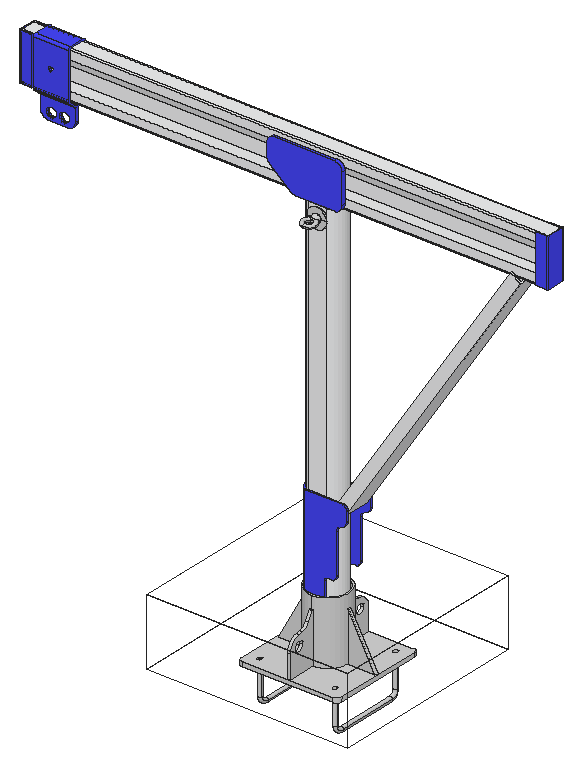
Revit family "FallProtection_DavitBase_Kattsafe_FloorMount_CastInCage", category Specialty Equipment, Revit 2025
Family settings
  Round Connector Dimension = Use Diameter
  Part Type = Normal
  OmniClass Number = 23.27.71.21
  Work Plane-Based = No
  Enable Cutting in Views = No
  Always vertical = Yes
  Cut with Voids When Loaded = No
  Maintain Annotation Orientation = No
  Shared = No
  Room Calculation Point = No
Parameters (values of type "1000mm Reach - 1600H (OH510.1600 + OH520 + AP160)")
  Uniclass2015Version = "Products v1.23"
  Uniclass2015Title = "Davit arms"
  Uniclass2015Code = "Pr_40_70_75_21"
  URL = "https://kattsafe.com.au/"
  Type IFC Predefined Type = "USERDEFINED"
  Type Comments = "1000mm Reach - 1600mm Height Clearance"
  SafetyDisclaimer [instance] = "WARNING! The correct placement of access, fall protection and facade maintenance systems is critical to ensure it is fit-for-purpose and safe for the operator to use. Did you know Kattsafe® have a dedicated team of Height Safety System Design Specialists? Kattsafe® provide one-on-one consultation and system design assistance to ensure you are meeting the stringent requirements of height safety and to give you PEACE OF MIND with your project."  # constant formula
  RightOffset = 907 mm
  RequiredSpace [instance] = yes
  OperationalRangeVis [instance] = yes
  OperationalRangeRadius = 1070 mm
  OperationalRangeOA = 1199 mm
  ModifiedIssue = 20240430
  Model = "OH510.1600 + OH520 + AP160"
  ManufacturerURLProductSpecific = "https://kattsafe.com.au/products/davits-needles/davits"
  ManufacturerSpecCode = Model  # "OH510.1600 + OH520 + AP160"
  ManufacturerOverallWidth = 2106 mm
  ManufacturerOverallHeight = 2000 mm
  ManufacturerOverallDepth = 400 mm
  ManufacturerHeightFromFFL [instance] = 0 mm
  Manufacturer = "Kattsafe®"  # constant formula
  IfcExportType = "USERDEFINED"
  IfcExportAs = "IfcElementComponentType"
  Export Type to IFC As = "IfcElementComponentType"
  ElementType = "Fall Protection"
  Description = "Kattsafe davits are designed as a cantilevered anchorage device over balustrades, parapets and curtain walls for rope access work."  # constant formula
  Default Elevation = 0 mm
  DavitArmVis = yes
  CreatedByURL = "https://igsgroup.com.au"
  CreatedBy = "IGS BIM Solutions"  # constant formula
  BaseMaterial = Steel_Stainless_Kattsafe_Satin
  Assembly Code = "E1090100"
  ArmWidth = 2106 mm
  ArmVerticalOffset [instance] = ManufacturerHeightFromFFL + 50 mm  # 50 mm
  ArmMaterial = Aluminum_Kattsafe_Satin
  ArmHeight = 1800 mm
  ArmBracketMaterial = Steel_PowderCoat_Kattsafe_Blue
Reference planes
  plane 1 "Center (Front/Back)": y = 0
  plane 2 "Ref. Level": z = 0
  plane 3 "Base Centre (Left/Right)": x = 0
  plane 4 "Back": y = 200
  plane 5 "Front": y = -200
  plane 6 "BaseRight": x = 200
  plane 7 "BaseLeft": x = -200
  plane 8 "FixingLevel": z = 0
  plane 9 "BaseTop": z = 266
  plane 10 "BaseFinTop": z = 216
  plane 11 "BaseFinHoles": z = 116
  plane 12 "Top": z = 1850
  plane 13 "Right": x = 907
  plane 14 "Left": x = -1199
  plane 15 "Bottom": z = -150
  plane 16 "BaseFinBottom": z = 16
Forms (mm)
  Extrusion 1, solid, material "Steel_Stainless_Kattsafe_Satin" <- "BaseMaterial"
    sketch origin (0, 0, 0) x (0, -1, 0) y (1, 0, 0)
      loop
        arc (-200, -180) -> (-194.142, -194.142) -> (-180, -200) r 20
        line (-180, -200) -> (180, -200)
        arc (180, -200) -> (194.142, -194.142) -> (200, -180) r 20
        line (200, -180) -> (200, 180)
        arc (200, 180) -> (194.142, 194.142) -> (180, 200) r 20
        line (180, 200) -> (-180, 200)
        arc (-180, 200) -> (-194.142, 194.142) -> (-200, 180) r 20
        line (-200, 180) -> (-200, -180)
      loop
        circle (150, -150) r 9
      loop
        circle (-150, -150) r 9
      loop
        circle (150, 150) r 9
      loop
        circle (-150, 150) r 9
    from 0 to 16
  Extrusion 2, solid, material "Steel_Stainless_Kattsafe_Satin" <- "BaseMaterial"
    sketch origin (0, 0, 0) x (0, -1, 0) y (1, 0, 0)
      loop
        circle (0, 0) r 77.15
      loop
        circle (0, 0) r 82.55
    from 266 to 16
  Extrusion 3, solid, material "Steel_Stainless_Kattsafe_Satin" <- "BaseMaterial"
    sketch origin (0, 0, 0) x (1, 0, 0) y (0, 0, 1)
      loop
        line (-82.55, 216) -> (-192.5, 16) -> (-79.577, 16) -> (-79.577, 216) -> (-82.55, 216)
      loop
        line (82.55, 216) -> (79.577, 216) -> (79.577, 16) -> (192.5, 16) -> (82.55, 216)
    from -6 to 6
  Extrusion 4, solid, material "Steel_Stainless_Kattsafe_Satin" <- "BaseMaterial"
    sketch origin (0, 0, 0) x (0, 1, 0) y (0, 0, 1)
      loop
        line (192.768, 16) -> (192.768, 108.211)
        arc (192.768, 108.211) -> (180.504, 141.014) -> (149.727, 157.725) r 50
        line (149.727, 157.725) -> (134.969, 159.799)
        arc (134.969, 159.799) -> (116.068, 167.054) -> (102.26, 181.861) r 45
        line (102.26, 181.861) -> (82.55, 216) -> (79.577, 216) -> (79.577, 16) -> (192.768, 16)
      loop
        line (-192.768, 16) -> (-79.577, 16) -> (-79.577, 216) -> (-82.55, 216) -> (-102.26, 181.861)
        arc (-102.26, 181.861) -> (-116.068, 167.054) -> (-134.969, 159.799) r 45
        line (-134.969, 159.799) -> (-149.727, 157.725)
        arc (-149.727, 157.725) -> (-180.504, 141.014) -> (-192.768, 108.211) r 50
        line (-192.768, 108.211) -> (-192.768, 16)
      loop
        circle (-152, 116) r 20
      loop
        circle (152, 116) r 20
    from -6 to 6
  Extrusion 5, solid, material "RequiredSpace_Kattsafe", visible <- "RequiredSpace"
    sketch origin (0, 0, 0) x (0, -1, 0) y (1, 0, 0)
      loop
        line (-400, -400) -> (400, -400) -> (400, 400) -> (-400, 400) -> (-400, -400)
    from 0 to 266
  Extrusion 6, solid, material "Steel_Stainless_Kattsafe_Satin" <- "BaseMaterial", detail levels medium+fine
    sketch origin (0, 0, 0) x (0, -1, 0) y (1, 0, 0)
      loop
        line (180, -180) -> (180, 180) -> (-180, 180) -> (-180, -180) -> (180, -180)
      loop
        line (130, -130) -> (130, 130) -> (-130, 130) -> (-130, -130) -> (130, -130)
    from -2 to 0
  Sweep 7, solid, material "Steel_Stainless_Kattsafe_Satin" <- "BaseMaterial"
    path origin (0, 0, 0) x (0, 1, 0) y (0, 0, 1)
      loop
        line (142, 0) -> (142, -114)
        arc (142, -114) -> (136.142, -128.142) -> (122, -134) r 20
        line (122, -134) -> (-122, -134)
        arc (-122, -134) -> (-136.142, -128.142) -> (-142, -114) r 20
        line (-142, -114) -> (-142, 0)
    profile origin (0, 142, -57) x (1, 0, 0) y (0, 1, 0)
      loop
        circle (-150, 8) r 8
      loop
        circle (150, 8) r 8
  Extrusion 8, solid, material "Steel_Stainless_Kattsafe_Satin" <- "BaseMaterial"
    sketch origin (0, 0, 0) x (0, -1, 0) y (1, 0, 0)
      loop
        arc (-200, -180) -> (-194.142, -194.142) -> (-180, -200) r 20
        line (-180, -200) -> (180, -200)
        arc (180, -200) -> (194.142, -194.142) -> (200, -180) r 20
        line (200, -180) -> (200, 180)
        arc (200, 180) -> (194.142, 194.142) -> (180, 200) r 20
        line (180, 200) -> (-180, 200)
        arc (-180, 200) -> (-194.142, 194.142) -> (-200, 180) r 20
        line (-200, 180) -> (-200, -180)
      loop
        circle (150, 150) r 9
      loop
        circle (-150, 150) r 9
    from 0 to 16
Cuts and joins
  joined: Extrusion 2, Extrusion 3, Extrusion 4
Lines and regions (mm)
  Masking region 1
    outline origin (0, 0, 16) x (0, -1, 0) y (1, 0, 0)
      loop
        arc (-200, -180) -> (-194.142, -194.142) -> (-180, -200) r 20
        line (-180, -200) -> (180, -200)
        arc (180, -200) -> (194.142, -194.142) -> (200, -180) r 20
        line (200, -180) -> (200, 180)
        arc (200, 180) -> (194.142, 194.142) -> (180, 200) r 20
        line (180, 200) -> (-180, 200)
        arc (-180, 200) -> (-194.142, 194.142) -> (-200, 180) r 20
        line (-200, 180) -> (-200, -180)
  symbolic lines, style "Required Space", visible <- "RequiredSpace"
    curve 1: line (-400, 400, 0) -> (400, 400, 0)
    curve 2: line (400, 400, 0) -> (400, 50, 0)
    curve 3: line (-400, -400, 0) -> (400, -400, 0)
    curve 4: line (400, -400, 0) -> (400, -50, 0)
    curve 5: line (-400, -400, 0) -> (-400, -35, 0)
    curve 6: line (-400, 400, 0) -> (-400, 35, 0)
    curve 7: line (-400, 0, 266) -> (400, 0, 266)
    curve 8: line (-400, 0, 0) -> (-400, 0, 266)
    curve 9: line (400, 0, 0) -> (-400, 0, 0)
    curve 10: line (400, 0, 266) -> (400, 0, 0)
    curve 11: line (0, 400, 266) -> (0, -400, 266)
    curve 12: line (0, 400, 0) -> (0, 400, 266)
    curve 13: line (0, -400, 0) -> (0, 400, 0)
    curve 14: line (0, -400, 266) -> (0, -400, 0)
  symbolic lines, style "Fall Arrest Systems", detail levels medium+fine
    curve 15: line (-6, 192.768, 16) -> (6, 192.768, 16)
    curve 16: line (6, 192.768, 16) -> (6, 82.332, 16)
    curve 17: line (-6, 82.332, 16) -> (-6, 192.768, 16)
    curve 19: circle (0, 0, 16) r 82.55 normal (0, 0, 1)
    curve 20: line (-6, -192.768, 16) -> (6, -192.768, 16)
    curve 21: line (6, -192.768, 16) -> (6, -82.332, 16)
    curve 22: line (-6, -82.332, 16) -> (-6, -192.768, 16)
    curve 23: line (-192.768, 6, 16) -> (-192.768, -6, 16)
    curve 24: line (-192.768, -6, 16) -> (-82.332, -6, 16)
    curve 25: line (-82.332, 6, 16) -> (-192.768, 6, 16)
    curve 26: line (192.768, 6, 16) -> (192.768, -6, 16)
    curve 27: line (192.768, -6, 16) -> (82.332, -6, 16)
    curve 28: line (82.332, 6, 16) -> (192.768, 6, 16)
  symbolic lines, style "Fall Arrest Systems", detail levels fine
    curve 18: circle (0, 0, 16) r 77.15 normal (0, 0, -1)
    curve 29: circle (-150, 150, 16) r 9 normal (0, 0, -1)
    curve 30: circle (150, 150, 16) r 9 normal (0, 0, 1)
    curve 31: circle (-150, -150, 16) r 9 normal (0, 0, 1)
    curve 32: circle (150, -150, 16) r 9 normal (0, 0, -1)
Text (mm)
  text "Disclaimer:\nDue to ongoing product development and manufacturing \nevolution, product details are subject to change without \nnotice. Please refer to product technical data sheets on \nthe manufacturers website for the most current product \ninformation. Please allow a +/- 5mm manufacturing \ntolerance for dimensions and set-outs shown in product \nliterature." at (1573.542, 159.228, 0), in view "Ref. Level"
Dimensions and locks
  equal spacing: plane 7 "BaseLeft", plane 3 "Base Centre (Left/Right)", plane 6 "BaseRight"
  equal spacing: plane 5 "Front", plane 1 "Center (Front/Back)", plane 4 "Back"
  "ManufacturerOverallDepth": plane 5 "Front" to plane 4 "Back"
  "ManufacturerHeightFromFFL": plane 8 "FixingLevel" to plane 2 "Ref. Level"
  locked: plane 9 "BaseTop" to plane 8 "FixingLevel" at 266
  locked: plane 11 "BaseFinHoles" to plane 8 "FixingLevel" at 116
  locked: plane 10 "BaseFinTop" to plane 11 "BaseFinHoles" at 100
  "ManufacturerOverallWidth": plane 14 "Left" to plane 13 "Right"
  "RightOffset": plane 3 "Base Centre (Left/Right)" to plane 13 "Right"
  plane 7 "BaseLeft" to plane 6 "BaseRight" = 400 mm
  locked: plane 8 "FixingLevel" to plane 15 "Bottom" at 150
  "ManufacturerOverallHeight": plane 12 "Top" to plane 15 "Bottom"
  locked: plane 16 "BaseFinBottom" to plane 8 "FixingLevel" at 16
  aligned and locked: level to plane 2 "Ref. Level"
  aligned and locked: Extrusion 3 sketch curve to plane 10 "BaseFinTop"
  aligned and locked: plane 10 "BaseFinTop" to Extrusion 3 sketch curve
  aligned and locked: plane 11 "BaseFinHoles" to Extrusion 4 sketch curve
  aligned and locked: Extrusion 2 to plane 9 "BaseTop"
  aligned and locked: curve 9 to plane 8 "FixingLevel"
  aligned and locked: plane 8 "FixingLevel" to Extrusion 5
  aligned and locked: Extrusion 5 to plane 9 "BaseTop"
  aligned and locked: plane 9 "BaseTop" to curve 7
  aligned and locked: plane 9 "BaseTop" to curve 11
  aligned and locked: plane 16 "BaseFinBottom" to cut or joined group of Extrusion 2, Extrusion 3, Extrusion 4  (x4)
  aligned and locked: plane 8 "FixingLevel" to Sweep 7 sketch curve  (x2)
  aligned and locked: curve 13 to plane 8 "FixingLevel"
  aligned and locked: Extrusion 5 to plane 8 "FixingLevel"
Automatic sketch dimensions
  Extrusion 2 sketch curve to Extrusion 2 sketch curve = 0 mm  (x2)
  plane 1 "Center (Front/Back)" to Extrusion 2 sketch curve = 0 mm
  Extrusion 2 sketch curve to plane 3 "Base Centre (Left/Right)" = 0 mm
  Extrusion 5 sketch curve to plane 4 "Back" = 200 mm
  plane 5 "Front" to Extrusion 5 sketch curve = 200 mm
  Extrusion 5 sketch curve to plane 7 "BaseLeft" = 200 mm
  plane 6 "BaseRight" to Extrusion 5 sketch curve = 200 mm
  plane 4 "Back" to Extrusion 1 sketch curve = 0 mm
  Extrusion 1 sketch curve to plane 7 "BaseLeft" = 0 mm
  Extrusion 1 sketch curve to plane 6 "BaseRight" = 0 mm
  plane 5 "Front" to Extrusion 1 sketch curve = 0 mm
  plane 4 "Back" to Extrusion 1 sketch curve = 20 mm  (x2)
  Extrusion 1 sketch curve to Extrusion 1 sketch curve = 30 mm  (x7)
  Extrusion 1 sketch curve to plane 5 "Front" = 50 mm
  Extrusion 1 sketch curve to plane 5 "Front" = 20 mm  (x2)
  curve 9 to plane 7 "BaseLeft" = 200 mm
  plane 6 "BaseRight" to curve 9 = 200 mm
  plane 4 "Back" to Extrusion 6 sketch curve = 20 mm
  Extrusion 6 sketch curve to plane 5 "Front" = 20 mm
  plane 7 "BaseLeft" to Extrusion 6 sketch curve = 20 mm
  Extrusion 6 sketch curve to plane 6 "BaseRight" = 20 mm
  Extrusion 6 sketch curve to Extrusion 6 sketch curve = 50 mm  (x4)
  plane 4 "Back" to Extrusion 8 sketch curve = 0 mm
  Extrusion 8 sketch curve to plane 7 "BaseLeft" = 0 mm
  Extrusion 8 sketch curve to plane 6 "BaseRight" = 0 mm
  plane 5 "Front" to Extrusion 8 sketch curve = 0 mm
  plane 4 "Back" to Extrusion 8 sketch curve = 20 mm  (x2)
  Extrusion 8 sketch curve to Extrusion 8 sketch curve = 30 mm  (x3)
  Extrusion 8 sketch curve to plane 5 "Front" = 50 mm
  Extrusion 8 sketch curve to plane 5 "Front" = 20 mm  (x2)
  plane 5 "Front" to curve 11 = 200 mm
  curve 13 to plane 4 "Back" = 200 mm
  plane 7 "BaseLeft" to Extrusion 3 sketch curve = 7.5 mm
  Extrusion 3 sketch curve to plane 3 "Base Centre (Left/Right)" = 82.55 mm
  Extrusion 3 sketch curve to Extrusion 3 sketch curve = 2.973 mm  (x2)
  plane 3 "Base Centre (Left/Right)" to Extrusion 3 sketch curve = 79.577 mm
  Extrusion 3 sketch curve to plane 6 "BaseRight" = 7.5 mm
  level to Extrusion 3 sketch curve = 16 mm  (x2)
  plane 10 "BaseFinTop" to Extrusion 4 sketch curve = 0 mm  (x2)
  plane 11 "BaseFinHoles" to Extrusion 4 sketch curve = 0 mm
  Extrusion 4 sketch curve to plane 5 "Front" = 7.232 mm
  Extrusion 4 sketch curve to Extrusion 4 sketch curve = 40.768 mm
  Extrusion 4 sketch curve to Extrusion 4 sketch curve = 2.273 mm
  Extrusion 4 sketch curve to Extrusion 4 sketch curve = 9.232 mm  (x2)
  plane 10 "BaseFinTop" to Extrusion 4 sketch curve = 11.639 mm  (x2)
  Extrusion 4 sketch curve to Extrusion 4 sketch curve = 8.496 mm
  Extrusion 4 sketch curve to Extrusion 4 sketch curve = 14.758 mm  (x2)
  plane 10 "BaseFinTop" to Extrusion 4 sketch curve = 34.139 mm  (x2)
  Extrusion 4 sketch curve to Extrusion 4 sketch curve = 32.708 mm  (x2)
  Extrusion 4 sketch curve to Extrusion 4 sketch curve = 19.71 mm  (x2)
  Extrusion 4 sketch curve to Extrusion 4 sketch curve = 2.973 mm  (x2)
  Extrusion 4 sketch curve to plane 1 "Center (Front/Back)" = 79.577 mm
  Extrusion 4 sketch curve to Extrusion 4 sketch curve = 6.263 mm
  plane 11 "BaseFinHoles" to Extrusion 4 sketch curve = 7.789 mm  (x2)
  Extrusion 4 sketch curve to Extrusion 4 sketch curve = 7.8 mm
  plane 4 "Back" to Extrusion 4 sketch curve = 7.232 mm
  level to Extrusion 4 sketch curve = 16 mm  (x2)
  Sweep 7 sketch curve to profile plane = 8 mm  (x2)
  Sweep 7 sketch curve to plane 3 "Base Centre (Left/Right)" = 150 mm
  plane 3 "Base Centre (Left/Right)" to Sweep 7 sketch curve = 150 mm
  curve 1 to plane 4 "Back" = 200 mm
  plane 5 "Front" to curve 3 = 200 mm
  curve 3 to plane 7 "BaseLeft" = 200 mm
  curve 6 to plane 7 "BaseLeft" = 200 mm
  plane 6 "BaseRight" to curve 2 = 200 mm
  plane 6 "BaseRight" to curve 4 = 200 mm
  curve 6 to plane 1 "Center (Front/Back)" = 35 mm
  curve 2 to plane 1 "Center (Front/Back)" = 50 mm
  plane 1 "Center (Front/Back)" to curve 5 = 35 mm
  plane 1 "Center (Front/Back)" to curve 4 = 50 mm
  curve 18 to curve 19 = 0 mm  (x2)
  plane 1 "Center (Front/Back)" to curve 19 = 0 mm
  curve 19 to plane 3 "Base Centre (Left/Right)" = 0 mm
  curve 26 to plane 1 "Center (Front/Back)" = 6 mm
  curve 23 to plane 1 "Center (Front/Back)" = 6 mm
  plane 4 "Back" to curve 30 = 50 mm
  plane 4 "Back" to curve 29 = 50 mm
  plane 4 "Back" to curve 17 = 7.232 mm
  plane 1 "Center (Front/Back)" to curve 24 = 6 mm
  plane 1 "Center (Front/Back)" to curve 27 = 6 mm
  curve 31 to plane 5 "Front" = 50 mm
  curve 32 to plane 5 "Front" = 50 mm
  curve 20 to plane 5 "Front" = 7.232 mm
  curve 22 to plane 3 "Base Centre (Left/Right)" = 6 mm
  curve 17 to plane 3 "Base Centre (Left/Right)" = 6 mm
  plane 7 "BaseLeft" to curve 29 = 50 mm
  plane 7 "BaseLeft" to curve 31 = 50 mm
  plane 7 "BaseLeft" to curve 25 = 7.232 mm
  plane 3 "Base Centre (Left/Right)" to curve 20 = 6 mm
  plane 3 "Base Centre (Left/Right)" to curve 15 = 6 mm
  curve 32 to plane 6 "BaseRight" = 50 mm
  curve 30 to plane 6 "BaseRight" = 50 mm
  curve 26 to plane 6 "BaseRight" = 7.232 mm
  curve 17 to plane 1 "Center (Front/Back)" = 82.332 mm
  plane 4 "Back" to Masking region 1 sketch curve = 0 mm
  Masking region 1 sketch curve to plane 7 "BaseLeft" = 0 mm
  Masking region 1 sketch curve to plane 6 "BaseRight" = 0 mm
  plane 5 "Front" to Masking region 1 sketch curve = 0 mm
  plane 4 "Back" to Masking region 1 sketch curve = 20 mm  (x2)
  Masking region 1 sketch curve to plane 5 "Front" = 20 mm
  Masking region 1 sketch curve to Masking region 1 sketch curve = 20 mm
  Sweep 7 sketch curve to plane 5 "Front" = 58 mm
  Sweep 7 sketch curve to plane 15 "Bottom" = 16 mm
  Sweep 7 sketch curve to Sweep 7 sketch curve = 20 mm  (x2)
  plane 4 "Back" to Sweep 7 sketch curve = 78 mm
  radius of Extrusion 2 sketch curve = 77.15 mm
  radius of Extrusion 2 sketch curve = 82.55 mm
  radius of Extrusion 1 sketch curve = 9 mm  (x4)
  radius of Extrusion 8 sketch curve = 9 mm  (x2)
  radius of Extrusion 4 sketch curve = 20 mm  (x2)
  radius of Sweep 7 sketch curve = 8 mm  (x2)
  radius of curve 18 = 77.15 mm
  radius of curve 29 = 9 mm
  radius of curve 30 = 9 mm
  radius of curve 31 = 9 mm
  radius of curve 32 = 9 mm
Nested families
  nested 1: "Ropeaccess_Davitarm_Kattsafe" at (607, 0, 50), visible <- "DavitArmVis", built-in parameter 1001364 <- "ArmVerticalOffset", ManufacturerOverallHeight <- "ArmHeight", ManufacturerOverallWidth <- "ArmWidth", type "Type 1"
    with ManufacturerOverallWidth 2106 mm, ManufacturerOverallHeight 1800 mm, ManufacturerHeightFromFFL 0 mm
  nested 2: "OperationalReach_DavitArm_Kattsafe" at (0, 0, 0) x (-0.7071, -0.7071, 0) z (0, 0, -1), OperationalReach <- "OperationalRangeOA", visible <- "OperationalRangeVis", CircleRadius <- "OperationalRangeRadius", type "Type 1"
    with OperationalReach 1199 mm, CircleVis yes, CircleRadius 1070 mm
  nested 3: "OperationalReach_DavitArm_Kattsafe" at (0, 0, 0) x (0.7071, -0.7071, 0) z (0, 0, -1), OperationalReach <- "OperationalRangeOA", visible <- "OperationalRangeVis", CircleRadius <- "OperationalRangeOA", type "Type 1"
    with OperationalReach 1199 mm, CircleVis no, CircleRadius 1199 mm
  nested 4: "OperationalReach_DavitArm_Kattsafe" at (0, 0, 0) x (-1, 0, 0) z (0, 0, -1), OperationalReach <- "OperationalRangeOA", visible <- "OperationalRangeVis", CircleRadius <- "OperationalRangeOA", type "Type 1"
    with OperationalReach 1199 mm, CircleVis no, CircleRadius 1199 mm
  nested 5: "OperationalReach_DavitArm_Kattsafe" at (0, 0, 0) x (-0.7071, 0.7071, 0) z (0, 0, -1), OperationalReach <- "OperationalRangeOA", visible <- "OperationalRangeVis", CircleRadius <- "OperationalRangeOA", type "Type 1"
    with OperationalReach 1199 mm, CircleVis no, CircleRadius 1199 mm
  nested 6: "OperationalReach_DavitArm_Kattsafe" at (0, 0, 0) x (0, 1, 0) z (0, 0, -1), OperationalReach <- "OperationalRangeOA", visible <- "OperationalRangeVis", CircleRadius <- "OperationalRangeOA", type "Type 1"
    with OperationalReach 1199 mm, CircleVis no, CircleRadius 1199 mm
  nested 7: "OperationalReach_DavitArm_Kattsafe" at (0, 0, 0) x (0.7071, 0.7071, 0) z (0, 0, -1), OperationalReach <- "OperationalRangeOA", visible <- "OperationalRangeVis", CircleRadius <- "OperationalRangeOA", type "Type 1"
    with OperationalReach 1199 mm, CircleVis no, CircleRadius 1199 mm
  nested 8: "OperationalReach_DavitArm_Kattsafe" at (0, 0, 0) x (1, 0, 0) z (0, 0, -1), OperationalReach <- "OperationalRangeOA", visible <- "OperationalRangeVis", CircleRadius <- "OperationalRangeOA", type "Type 1"
    with OperationalReach 1199 mm, CircleVis no, CircleRadius 1199 mm
Definition of nested family "Ropeaccess_Davitarm_Kattsafe"
  Parameters (values of type "Type 1")
    Uniclass2015Version = "Products v1.20"
    Uniclass2015Title = "Davit arms"
    Uniclass2015Code = "Pr_40_70_75_21"
    URL = "https://kattsafe.com.au/"
    Type IFC Predefined Type = "NOTDEFINED\r\nq"
    Type Comments = ""
    ModifiedIssue = 20210726
    Model = ""
    ManufacturerURLProductSpecific = ""
    ManufacturerSpecCode = Model  # ""
    ManufacturerOverallWidth [instance] = 2106 mm
    ManufacturerOverallHeight [instance] = 1805 mm
    ManufacturerOverallDepth = 246.6 mm
    ManufacturerHeightFromFFL [instance] = 0 mm
    Manufacturer = "Sayfa"  # constant formula
    IfcExportType = "NOTDEFINED\r\nq"
    IfcExportAs = "IfcElementComponentType"
    FixingMaterials = none
    Export Type to IFC As = "IfcElementComponentType"
    Description = "A Proprietary Facade Rope Access System Providing Access Over Non\r\nLoad-bearing Parapets, Balustrades And Curtain Walls"
    Default Elevation = 0 mm
    CreatedByURL = "https://igsgroup.com.au"
    CreatedBy = "IGS BIM Solutions"  # constant formula
    BracketMaterial = none
    ArmMaterial = none
  Reference planes
    plane 1 "Centre (Front/Back)": y = 0
    plane 2 "Ref. Level": z = 0
    plane 3 "MastCentre": x = -607
    plane 4 "Back": y = 123.3
    plane 5 "Front": y = -123.3
    plane 6 "Right": x = 300
    plane 7 "Left": x = -1806
    plane 8 "Bottom": z = 0
    plane 9 "Centre (Elevation)": z = 902.5
    plane 10 "Top": z = 1805
    plane 11 "BaseTop": z = 570
    plane 12 "BraceBottomPivot": z = 540
    plane 13 "ArmTop": z = 1800
    plane 14 "ArmBack": y = 35
    plane 15 "ArmFront": y = -35
    plane 16 "ArmBottom": z = 1610
    plane 17 "ArmLeft": x = -1803
    plane 18 "ArmRight": x = 297
    plane 19 "RiggingAnchor": x = -1677
    plane 20 "BraceTopPivot": z = 1630.005
    plane 21 "ArmBracePivot": x = 187
    plane 22 "ArmCentre_Elevation": z = 1705
    plane 23 "MastJoinTop": z = 1780
    plane 24 "MastJoinBottom": z = 1600
    plane 25 "MastJoinRight": x = -512
    plane 26 "MastJoinLeft": x = -812
    plane 27 "MastFront": y = -56.8
    plane 28 "MastBack": y = 56.8
    plane 29 "BraceTop": z = 1616.005
    plane 30 "BracketCentre": z = 1555
    plane 31 "BracketFrontCentre": y = -94
    plane 32 "BracketBackCentre": y = 94
  Forms (mm)
    Extrusion 1, solid, material <- "ArmMaterial"
      sketch origin (297, 0, 0) x (0, 1, 0) y (0, 0, 1)
        loop
          arc (30, 1610) -> (33.536, 1611.464) -> (35, 1615) r 5
          line (35, 1615) -> (35, 1650) -> (25, 1678) -> (25, 1732) -> (35, 1760) -> (35, 1795)
          arc (35, 1795) -> (33.536, 1798.536) -> (30, 1800) r 5
          line (30, 1800) -> (-30, 1800)
          arc (-30, 1800) -> (-33.536, 1798.536) -> (-35, 1795) r 5
          line (-35, 1795) -> (-35, 1760) -> (-25, 1732) -> (-25, 1678) -> (-35, 1650) -> (-35, 1615)
          arc (-35, 1615) -> (-33.536, 1611.464) -> (-30, 1610) r 5
          line (-30, 1610) -> (30, 1610)
      from -2100 to 0
    Extrusion 2, solid, material <- "BracketMaterial"
      sketch origin (0, 0, 1800) x (0, -1, 0) y (1, 0, 0)
        loop
          arc (34, -1806) -> (36.828, -1804.828) -> (38, -1802) r 4
          line (38, -1802) -> (38, -1756) -> (35, -1756) -> (35, -1802)
          arc (35, -1802) -> (34.707, -1802.707) -> (34, -1803) r 1
          line (34, -1803) -> (-34, -1803)
          arc (-34, -1803) -> (-34.707, -1802.707) -> (-35, -1802) r 1
          line (-35, -1802) -> (-35, -1756) -> (-38, -1756) -> (-38, -1802)
          arc (-38, -1802) -> (-36.828, -1804.828) -> (-34, -1806) r 4
          line (-34, -1806) -> (34, -1806)
        loop
          line (34, 300) -> (-34, 300)
          arc (-34, 300) -> (-36.828, 298.828) -> (-38, 296) r 4
          line (-38, 296) -> (-38, 250) -> (-35, 250) -> (-35, 296)
          arc (-35, 296) -> (-34.707, 296.707) -> (-34, 297) r 1
          line (-34, 297) -> (34, 297)
          arc (34, 297) -> (34.707, 296.707) -> (35, 296) r 1
          line (35, 296) -> (35, 250) -> (38, 250) -> (38, 296)
          arc (38, 296) -> (36.828, 298.828) -> (34, 300) r 4
      from 0 to -190
    Extrusion 3, solid, material <- "ArmMaterial"
      sketch origin (0, 0, 0) x (0, -1, 0) y (1, 0, 0)
        loop
          line (56.8, -647) -> (51.8, -647) -> (51.8, -567) -> (56.8, -567)
          arc (56.8, -567) -> (0, -537) -> (-56.8, -567) r 68.771
          line (-56.8, -567) -> (-51.8, -567) -> (-51.8, -647) -> (-56.8, -647)
          arc (-56.8, -647) -> (0, -677) -> (56.8, -647) r 68.771
      from 0 to 1600
    Extrusion 4, solid, material <- "BracketMaterial"
      sketch origin (0, -35, 0) x (1, 0, 0) y (0, 0, 1)
        loop
          line (-542, 1780) -> (-782, 1780)
          arc (-782, 1780) -> (-803.213, 1771.213) -> (-812, 1750) r 30
          line (-812, 1750) -> (-812, 1701.256)
          arc (-812, 1701.256) -> (-809.189, 1688.577) -> (-801.284, 1678.274) r 30
          line (-801.284, 1678.274) -> (-716.365, 1607.019)
          arc (-716.365, 1607.019) -> (-707.341, 1601.809) -> (-697.081, 1600) r 30
          line (-697.081, 1600) -> (-542, 1600)
          arc (-542, 1600) -> (-520.787, 1608.787) -> (-512, 1630) r 30
          line (-512, 1630) -> (-512, 1750)
          arc (-512, 1750) -> (-520.787, 1771.213) -> (-542, 1780) r 30
      from 0 to 12.508
    Extrusion 5, solid, material <- "BracketMaterial"
      sketch origin (0, 35, 0) x (1, 0, 0) y (0, 0, 1)
        loop
          line (-542, 1780) -> (-782, 1780)
          arc (-782, 1780) -> (-803.213, 1771.213) -> (-812, 1750) r 30
          line (-812, 1750) -> (-812, 1701.256)
          arc (-812, 1701.256) -> (-809.189, 1688.577) -> (-801.284, 1678.274) r 30
          line (-801.284, 1678.274) -> (-716.365, 1607.019)
          arc (-716.365, 1607.019) -> (-707.341, 1601.809) -> (-697.081, 1600) r 30
          line (-697.081, 1600) -> (-542, 1600)
          arc (-542, 1600) -> (-520.787, 1608.787) -> (-512, 1630) r 30
          line (-512, 1630) -> (-512, 1750)
          arc (-512, 1750) -> (-520.787, 1771.213) -> (-542, 1780) r 30
      from 0 to -12.5
    Extrusion 6, solid, material <- "ArmMaterial"
      sketch origin (0, 0, 1610) x (0, -1, 0) y (1, 0, 0)
        loop
          arc (-35, -667.427) -> (0, -677) -> (35, -667.427) r 68.771
          line (35, -667.427) -> (35, -546.573)
          arc (35, -546.573) -> (0, -537) -> (-35, -546.573) r 68.771
          line (-35, -546.573) -> (-35, -667.427)
      from 0 to -10
    Extrusion 7, solid, material <- "BracketMaterial"
      sketch origin (-1677, 0, 0) x (0, 1, 0) y (0, 0, 1)
        loop
          line (-30, 1800) -> (30, 1800)
          arc (30, 1800) -> (33.536, 1798.536) -> (35, 1795) r 5
          line (35, 1795) -> (35, 1610.432)
          arc (35, 1610.432) -> (34.918, 1610.035) -> (34.686, 1609.704) r 1
          line (34.686, 1609.704) -> (2.386, 1579.277)
          arc (2.386, 1579.277) -> (0.992, 1577.288) -> (0.5, 1574.909) r 6
          line (0.5, 1574.909) -> (0.5, 1495.5) -> (5.5, 1495.5) -> (5.5, 1574.909)
          arc (5.5, 1574.909) -> (5.582, 1575.306) -> (5.814, 1575.637) r 1
          line (5.814, 1575.637) -> (38.114, 1606.064)
          arc (38.114, 1606.064) -> (39.508, 1608.053) -> (40, 1610.432) r 6
          line (40, 1610.432) -> (40, 1795)
          arc (40, 1795) -> (37.071, 1802.071) -> (30, 1805) r 10
          line (30, 1805) -> (-30, 1805)
          arc (-30, 1805) -> (-37.071, 1802.071) -> (-40, 1795) r 10
          line (-40, 1795) -> (-40, 1610.432)
          arc (-40, 1610.432) -> (-39.508, 1608.053) -> (-38.114, 1606.064) r 6
          line (-38.114, 1606.064) -> (-5.814, 1575.637)
          arc (-5.814, 1575.637) -> (-5.582, 1575.306) -> (-5.5, 1574.909) r 1
          line (-5.5, 1574.909) -> (-5.5, 1495.5) -> (-0.5, 1495.5) -> (-0.5, 1574.909)
          arc (-0.5, 1574.909) -> (-0.992, 1577.288) -> (-2.386, 1579.277) r 6
          line (-2.386, 1579.277) -> (-34.686, 1609.704)
          arc (-34.686, 1609.704) -> (-34.918, 1610.035) -> (-35, 1610.432) r 1
          line (-35, 1610.432) -> (-35, 1795)
          arc (-35, 1795) -> (-33.536, 1798.536) -> (-30, 1800) r 5
      from -70 to 70
    Extrusion 8, void
      sketch origin (0, 0, 0) x (1, 0, 0) y (0, 0, 1)
        loop
          line (-1747, 1525.5) -> (-1747, 1495.5) -> (-1717, 1495.5)
          arc (-1717, 1495.5) -> (-1738.213, 1504.287) -> (-1747, 1525.5) r 30
        loop
          arc (-1607, 1525.5) -> (-1615.787, 1504.287) -> (-1637, 1495.5) r 30
          line (-1637, 1495.5) -> (-1607, 1495.5) -> (-1607, 1525.5)
        loop
          circle (-1677, 1705) r 9
        loop
          circle (-1703, 1525.5) r 20
        loop
          circle (-1651, 1525.5) r 20
      from -50 to 50
    Extrusion 9, solid, material <- "BracketMaterial"
      sketch origin (0, -56.8, 0) x (1, 0, 0) y (0, 0, 1)
        loop
          line (-569.5, 0) -> (-569.5, 275)
          arc (-569.5, 275) -> (-566.571, 282.071) -> (-559.5, 285) r 10
          line (-559.5, 285) -> (-542, 285)
          arc (-542, 285) -> (-527.858, 290.858) -> (-522, 305) r 20
          line (-522, 305) -> (-522, 465.214)
          arc (-522, 465.214) -> (-519.143, 475.515) -> (-511.389, 482.873) r 20
          line (-511.389, 482.873) -> (-492.611, 492.858)
          arc (-492.611, 492.858) -> (-484.857, 500.216) -> (-482, 510.517) r 20
          line (-482, 510.517) -> (-482, 550)
          arc (-482, 550) -> (-487.858, 564.142) -> (-502, 570) r 20
          line (-502, 570) -> (-644.5, 570) -> (-644.5, 0) -> (-569.5, 0)
      from 0 to 6
    Extrusion 10, solid, material <- "BracketMaterial"
      sketch origin (0, 56.8, 0) x (1, 0, 0) y (0, 0, -1)
        loop
          line (-569.5, 0) -> (-644.5, 0) -> (-644.5, -570) -> (-502, -570)
          arc (-502, -570) -> (-487.858, -564.142) -> (-482, -550) r 20
          line (-482, -550) -> (-482, -510.517)
          arc (-482, -510.517) -> (-484.857, -500.216) -> (-492.611, -492.858) r 20
          line (-492.611, -492.858) -> (-511.389, -482.873)
          arc (-511.389, -482.873) -> (-519.143, -475.515) -> (-522, -465.214) r 20
          line (-522, -465.214) -> (-522, -305)
          arc (-522, -305) -> (-527.858, -290.858) -> (-542, -285) r 20
          line (-542, -285) -> (-559.5, -285)
          arc (-559.5, -285) -> (-566.571, -282.071) -> (-569.5, -275) r 10
          line (-569.5, -275) -> (-569.5, 0)
      from 0 to 6
    Extrusion 11, solid, material <- "BracketMaterial"
      sketch origin (0, 0, 0) x (0, -1, 0) y (1, 0, 0)
        loop
          line (-62.8, -569.5) -> (-56.8, -569.5) -> (-56.8, -567)
          arc (-56.8, -567) -> (0, -537) -> (56.8, -567) r 68.771
          line (56.8, -567) -> (56.8, -569.5) -> (62.8, -569.5) -> (62.8, -565.784)
          arc (62.8, -565.784) -> (62.716, -565.21) -> (62.471, -564.685) r 2
          arc (62.471, -564.685) -> (0, -531) -> (-62.471, -564.685) r 74.771
          arc (-62.471, -564.685) -> (-62.716, -565.21) -> (-62.8, -565.784) r 2
          line (-62.8, -565.784) -> (-62.8, -569.5)
      from 0 to 100
    Extrusion 12, solid, material <- "BracketMaterial"
      sketch origin (0, 0, 570) x (0, -1, 0) y (1, 0, 0)
        loop
          line (-62.8, -644.5) -> (-62.8, -648.216)
          arc (-62.8, -648.216) -> (-62.716, -648.79) -> (-62.471, -649.315) r 2
          arc (-62.471, -649.315) -> (0, -683) -> (62.471, -649.315) r 74.771
          arc (62.471, -649.315) -> (62.716, -648.79) -> (62.8, -648.216) r 2
          line (62.8, -648.216) -> (62.8, -644.5) -> (56.8, -644.5) -> (56.8, -647)
          arc (56.8, -647) -> (0, -677) -> (-56.8, -647) r 68.771
          line (-56.8, -647) -> (-56.8, -644.5) -> (-62.8, -644.5)
      from 0 to -370
    Sweep 13, solid, material <- "ArmMaterial"
      path in 3D
        loop
          line (180.587, 0, 1616.005) -> (-512, 0, 540)
      profile origin (-165.706, 0, 1078.002) x (0.840869, 0, -0.541238) y (0, -1, 0)
        loop
          line (23, 50) -> (-23, 50) -> (-23, 45) -> (18, 45) -> (18, -45) -> (-23, -45) -> (-23, -50) -> (23, -50) -> (23, 50)
    Revolve 14, solid, material <- "FixingMaterials", detail levels medium+fine
      sketch origin (-607, 0, 0) x (0, 1, 0) y (0, 0, 1)
        loop
          circle (-117.05, 1555) r 6.25
        axis (-94, 1555) -> (-94, 1554)
      angle from 0 to 360
    Revolve 15, solid, material <- "FixingMaterials", detail levels medium+fine
      sketch origin (0, 0, 1555) x (0, -1, 0) y (1, 0, 0)
        loop
          arc (58.445, -590.448) -> (57.33, -590.551) -> (56.8, -591.538) r 1.183
          line (56.8, -591.538) -> (56.8, -567) -> (51.8, -567) -> (51.8, -607) -> (77.8, -607) -> (77.8, -600.001)
          arc (77.8, -600.001) -> (77.464, -598.886) -> (76.569, -598.142) r 2.02
          line (76.569, -598.142) -> (58.445, -590.448)
        axis (77.8, -607) -> (51.8, -607)
      angle from 0 to 360
    Revolve 16, solid, material <- "FixingMaterials", detail levels medium+fine
      sketch origin (-607, 0, 0) x (0, -1, 0) y (0, 0, 1)
        loop
          circle (-117.05, 1555) r 6.25
        axis (-94, 1555) -> (-94, 1554)
      angle from 0 to 360
    Revolve 17, solid, material <- "FixingMaterials", detail levels medium+fine
      sketch origin (0, 0, 1555) x (0, 1, 0) y (1, 0, 0)
        loop
          arc (58.445, -590.448) -> (57.33, -590.551) -> (56.8, -591.538) r 1.183
          line (56.8, -591.538) -> (56.8, -567) -> (51.8, -567) -> (51.8, -607) -> (77.8, -607) -> (77.8, -600.001)
          arc (77.8, -600.001) -> (77.464, -598.886) -> (76.569, -598.142) r 2.02
          line (76.569, -598.142) -> (58.445, -590.448)
        axis (77.8, -607) -> (51.8, -607)
      angle from 0 to 360
  Cuts and joins
    joined: Extrusion 3, Extrusion 6
    Extrusion 8 cuts Extrusion 7
    joined: Extrusion 9, Extrusion 10, Extrusion 11, Extrusion 12
    joined: Revolve 14, Revolve 15
  Lines and regions (mm)
    Masking region 1
      outline origin (0, 0, 0) x (0, -1, 0) y (1, 0, 0)
        loop
          arc (34, -1806) -> (36.828, -1804.828) -> (38, -1802) r 4
          line (38, -1802) -> (38, -1756) -> (35, -1756) -> (35, -1742) -> (40, -1742) -> (40, -1607) -> (35, -1607) -> (35, -812) -> (47.5, -812) -> (47.5, -665.974)
          arc (47.5, -665.974) -> (55.814, -657.984) -> (62.8, -648.81) r 74.771
          line (62.8, -648.81) -> (62.8, -621.715) -> (67.396, -619.765)
          arc (67.396, -619.765) -> (122.986, -607.325) -> (67.532, -594.293) r 29.222
          line (67.532, -594.293) -> (62.8, -592.285) -> (62.8, -482) -> (56.8, -482) -> (56.8, -557.145)
          arc (56.8, -557.145) -> (52.349, -552.383) -> (47.5, -548.026) r 74.771
          line (47.5, -548.026) -> (47.5, -531.34) -> (50, -531.34) -> (50, 236.374) -> (45, 236.374) -> (45, 199.927) -> (35, 199.927) -> (35, 250) -> (38, 250) -> (38, 296)
          arc (38, 296) -> (36.828, 298.828) -> (34, 300) r 4
          line (34, 300) -> (-34, 300)
          arc (-34, 300) -> (-36.828, 298.828) -> (-38, 296) r 4
          line (-38, 296) -> (-38, 250) -> (-35, 250) -> (-35, 199.927) -> (-45, 199.927) -> (-45, 236.374) -> (-50, 236.374) -> (-50, -531.34) -> (-47.5, -531.34) -> (-47.5, -548.026)
          arc (-47.5, -548.026) -> (-52.349, -552.383) -> (-56.8, -557.145) r 74.771
          line (-56.8, -557.145) -> (-56.8, -482) -> (-62.8, -482) -> (-62.8, -592.285) -> (-67.532, -594.293)
          arc (-67.532, -594.293) -> (-122.986, -607.325) -> (-67.396, -619.765) r 29.222
          line (-67.396, -619.765) -> (-62.8, -621.715) -> (-62.8, -648.81)
          arc (-62.8, -648.81) -> (-55.814, -657.984) -> (-47.5, -665.974) r 74.771
          line (-47.5, -665.974) -> (-47.5, -812) -> (-35, -812) -> (-35, -1607) -> (-40, -1607) -> (-40, -1742) -> (-35, -1742) -> (-35, -1756) -> (-38, -1756) -> (-38, -1802)
          arc (-38, -1802) -> (-36.828, -1804.828) -> (-34, -1806) r 4
          line (-34, -1806) -> (34, -1806)
        loop
          line (77.8, -602.55) -> (77.8, -611.45)
          arc (77.8, -611.45) -> (110.8, -607) -> (77.8, -602.55) r 16.8
        loop
          arc (-77.8, -602.55) -> (-110.8, -607) -> (-77.8, -611.45) r 16.8
          line (-77.8, -611.45) -> (-77.8, -602.55)
    reference lines
      curve 1: line (180.587, 0, 1616.005) -> (-512, 0, 540)
    sketch lines
      curve 2: line (180.587, 0, 1616.005) -> (-512, 0, 540)
    symbolic lines, detail levels medium+fine
      curve 3: line (-1756, -35, 1555) -> (-1802, -35, 1555)
      curve 4: arc (-1802, -35, 1555) -> (-1802.707, -34.707, 1555) -> (-1803, -34, 1555) r 1
      curve 5: line (-1803, 34, 1555) -> (-1803, -34, 1555)
      curve 6: line (-1756, 35, 1555) -> (-1802, 35, 1555)
      curve 7: arc (-1802, 35, 1555) -> (-1802.707, 34.707, 1555) -> (-1803, 34, 1555) r 1
      curve 8: line (-1742, 35, 1555) -> (-1742, -35, 1555)
      curve 9: line (-1607, 35, 1555) -> (-1607, -35, 1555)
      curve 10: line (-812, -35, 1555) -> (-402, -35, 1555)
      curve 11: line (-812, 35, 1555) -> (-402, 35, 1555)
      curve 12: line (-665.974, -47.5, 1555) -> (-548.026, -47.5, 1555)
      curve 13: line (-665.974, 47.5, 1555) -> (-548.026, 47.5, 1555)
      curve 14: line (199.927, -45, 1555) -> (-402, -45, 1555)
      curve 15: line (-402, -35, 1555) -> (199.927, -35, 1555)
      curve 16: line (199.927, 35, 1555) -> (-402, 35, 1555)
      curve 17: line (199.927, 45, 1555) -> (-402, 45, 1555)
      curve 18: arc (-647, 56.8, 1555) -> (-652.724, 52.437, 1555) -> (-657.96, 47.5, 1555) r 68.771
      curve 19: line (-647, 56.8, 1555) -> (-557.145, 56.8, 1555)
      curve 20: line (-647, -56.8, 1555) -> (-557.145, -56.8, 1555)
      curve 21: arc (-647, -56.8, 1555) -> (-652.724, -52.437, 1555) -> (-657.96, -47.5, 1555) r 68.771
      curve 22: line (250, -35, 1555) -> (296, -35, 1555)
      curve 23: arc (296, -35, 1555) -> (296.707, -34.707, 1555) -> (297, -34, 1555) r 1
      curve 24: line (297, 34, 1555) -> (297, -34, 1555)
      curve 25: line (250, 35, 1555) -> (296, 35, 1555)
      curve 26: arc (296, 35, 1555) -> (296.707, 34.707, 1555) -> (297, 34, 1555) r 1
  Text (mm)
    text "Disclaimer:\nDue to ongoing product development and manufacturing \nevolution, product details are subject to change without \nnotice. Please refer to product technical data sheets on \nthe manufacturers website for the most current product \ninformation. Please allow a +/- 5mm manufacturing \ntolerance for dimensions and set-outs shown in product \nliterature." at (985.527, 159.228, 0), in view "Ref. Level"
  Dimensions and locks
    "ManufacturerOverallWidth": plane 7 "Left" to plane 6 "Right"
    equal spacing: plane 5 "Front", plane 1 "Centre (Front/Back)", plane 4 "Back"
    "ManufacturerOverallDepth": plane 5 "Front" to plane 4 "Back"
    equal spacing: plane 10 "Top", plane 9 "Centre (Elevation)", plane 8 "Bottom"
    "ManufacturerOverallHeight": plane 10 "Top" to plane 8 "Bottom"
    "ManufacturerHeightFromFFL": plane 8 "Bottom" to plane 2 "Ref. Level"
    plane 11 "BaseTop" to plane 12 "BraceBottomPivot" = 30 mm
    locked: plane 11 "BaseTop" to plane 8 "Bottom" at 570
    locked: plane 10 "Top" to plane 13 "ArmTop" at 5
    locked: plane 3 "MastCentre" to plane 6 "Right" at 907
    locked: plane 15 "ArmFront" to plane 14 "ArmBack" at 70
    equal spacing: plane 15 "ArmFront", plane 1 "Centre (Front/Back)", plane 14 "ArmBack"
    locked: plane 13 "ArmTop" to plane 16 "ArmBottom" at 190
    locked: plane 7 "Left" to plane 17 "ArmLeft" at 3
    locked: plane 18 "ArmRight" to plane 6 "Right" at 3
    locked: plane 17 "ArmLeft" to plane 19 "RiggingAnchor" at 126
    plane 20 "BraceTopPivot" to plane 16 "ArmBottom" = 20.005 mm
    locked: plane 21 "ArmBracePivot" to plane 18 "ArmRight" at 110
    equal spacing: plane 13 "ArmTop", plane 22 "ArmCentre_Elevation", plane 16 "ArmBottom"
    locked: plane 13 "ArmTop" to plane 23 "MastJoinTop" at 20
    plane 16 "ArmBottom" to plane 24 "MastJoinBottom" = 10 mm
    locked: plane 27 "MastFront" to plane 15 "ArmFront" at 21.8
    locked: plane 14 "ArmBack" to plane 28 "MastBack" at 21.8
    locked: plane 20 "BraceTopPivot" to plane 29 "BraceTop" at 14
    locked: plane 24 "MastJoinBottom" to plane 30 "BracketCentre" at 45
    locked: plane 31 "BracketFrontCentre" to plane 1 "Centre (Front/Back)" at 94
    locked: plane 1 "Centre (Front/Back)" to plane 32 "BracketBackCentre" at 94
    locked: plane 26 "MastJoinLeft" to plane 3 "MastCentre" at 205
    locked: plane 3 "MastCentre" to plane 25 "MastJoinRight" at 95
    aligned and locked: level to plane 2 "Ref. Level"
    aligned and locked: Extrusion 1 to plane 17 "ArmLeft"
    aligned and locked: plane 6 "Right" to Extrusion 2 sketch curve
    aligned and locked: Extrusion 2 sketch curve to plane 18 "ArmRight"
    aligned and locked: plane 7 "Left" to Extrusion 2 sketch curve
    aligned and locked: Extrusion 2 sketch curve to plane 17 "ArmLeft"
    aligned and locked: plane 16 "ArmBottom" to Extrusion 2
    aligned and locked: cut or joined group of Extrusion 3, Extrusion 6 to plane 24 "MastJoinBottom"
    aligned and locked: plane 29 "BraceTop" to curve 1
  Automatic sketch dimensions
    Extrusion 2 sketch curve to Extrusion 2 sketch curve = 0 mm  (x8)
    plane 14 "ArmBack" to Extrusion 2 sketch curve = 0 mm  (x2)
    plane 15 "ArmFront" to Extrusion 2 sketch curve = 0 mm  (x2)
    plane 14 "ArmBack" to Extrusion 2 sketch curve = 1 mm
    Extrusion 2 sketch curve to Extrusion 2 sketch curve = 1 mm  (x2)
    Extrusion 2 sketch curve to plane 15 "ArmFront" = 1 mm
    Extrusion 2 sketch curve to Extrusion 2 sketch curve = 46 mm  (x4)
    Extrusion 3 sketch curve to plane 28 "MastBack" = 0 mm  (x2)
    plane 1 "Centre (Front/Back)" to Extrusion 3 sketch curve = 0 mm  (x2)
    plane 27 "MastFront" to Extrusion 3 sketch curve = 0 mm  (x2)
    Extrusion 3 sketch curve to Extrusion 3 sketch curve = 5 mm  (x2)
    Extrusion 3 sketch curve to plane 3 "MastCentre" = 40 mm
    Extrusion 3 sketch curve to plane 3 "MastCentre" = 1.229 mm
    plane 3 "MastCentre" to Extrusion 3 sketch curve = 1.229 mm
    plane 3 "MastCentre" to Extrusion 3 sketch curve = 40 mm
    plane 14 "ArmBack" to Extrusion 6 sketch curve = 0 mm
    plane 1 "Centre (Front/Back)" to Extrusion 6 sketch curve = 0 mm  (x2)
    plane 15 "ArmFront" to Extrusion 6 sketch curve = 0 mm
    Extrusion 6 sketch curve to plane 3 "MastCentre" = 60.427 mm
    Extrusion 6 sketch curve to plane 3 "MastCentre" = 1.229 mm
    plane 3 "MastCentre" to Extrusion 6 sketch curve = 1.229 mm
    Extrusion 6 sketch curve to plane 25 "MastJoinRight" = 34.573 mm
    Extrusion 8 sketch curve to plane 19 "RiggingAnchor" = 0 mm
    Extrusion 8 sketch curve to plane 22 "ArmCentre_Elevation" = 0 mm
    Extrusion 8 sketch curve to plane 19 "RiggingAnchor" = 26 mm
    Extrusion 8 sketch curve to Extrusion 8 sketch curve = 14 mm  (x2)
    Extrusion 8 sketch curve to Extrusion 8 sketch curve = 30 mm  (x3)
    plane 19 "RiggingAnchor" to Extrusion 8 sketch curve = 26 mm
    plane 30 "BracketCentre" to Extrusion 8 sketch curve = 29.5 mm  (x3)
    Extrusion 8 sketch curve to Extrusion 8 sketch curve = 0 mm  (x4)
    Extrusion 9 sketch curve to plane 8 "Bottom" = 0 mm
    Extrusion 9 sketch curve to plane 11 "BaseTop" = 0 mm
    Extrusion 9 sketch curve to plane 3 "MastCentre" = 37.5 mm
    plane 3 "MastCentre" to Extrusion 9 sketch curve = 37.5 mm
    Extrusion 9 sketch curve to Extrusion 9 sketch curve = 10 mm
    Extrusion 9 sketch curve to Extrusion 9 sketch curve = 17.5 mm
    Extrusion 9 sketch curve to plane 25 "MastJoinRight" = 10 mm
    plane 25 "MastJoinRight" to Extrusion 9 sketch curve = 0.611 mm
    plane 25 "MastJoinRight" to Extrusion 9 sketch curve = 10 mm  (x3)
    plane 25 "MastJoinRight" to Extrusion 9 sketch curve = 19.389 mm
    Extrusion 9 sketch curve to plane 12 "BraceBottomPivot" = 10 mm
    plane 12 "BraceBottomPivot" to Extrusion 9 sketch curve = 265 mm
    plane 12 "BraceBottomPivot" to Extrusion 9 sketch curve = 74.786 mm
    Extrusion 9 sketch curve to Extrusion 9 sketch curve = 9.985 mm
    Extrusion 10 sketch curve to plane 8 "Bottom" = 0 mm
    Extrusion 10 sketch curve to plane 11 "BaseTop" = 0 mm
    plane 3 "MastCentre" to Extrusion 10 sketch curve = 37.5 mm
    Extrusion 10 sketch curve to plane 3 "MastCentre" = 37.5 mm
    Extrusion 10 sketch curve to Extrusion 10 sketch curve = 10 mm
    Extrusion 10 sketch curve to Extrusion 10 sketch curve = 17.5 mm
    plane 25 "MastJoinRight" to Extrusion 10 sketch curve = 10 mm
    Extrusion 10 sketch curve to plane 25 "MastJoinRight" = 0.611 mm
    Extrusion 10 sketch curve to plane 25 "MastJoinRight" = 10 mm  (x3)
    Extrusion 10 sketch curve to plane 25 "MastJoinRight" = 19.389 mm
    plane 12 "BraceBottomPivot" to Extrusion 10 sketch curve = 10 mm
    Extrusion 10 sketch curve to plane 12 "BraceBottomPivot" = 265 mm
    Extrusion 10 sketch curve to plane 12 "BraceBottomPivot" = 74.786 mm
    Extrusion 10 sketch curve to Extrusion 10 sketch curve = 9.985 mm
    Extrusion 11 sketch curve to Extrusion 11 sketch curve = 0 mm  (x3)
    Extrusion 11 sketch curve to plane 28 "MastBack" = 0 mm
    plane 1 "Centre (Front/Back)" to Extrusion 11 sketch curve = 0 mm
    plane 27 "MastFront" to Extrusion 11 sketch curve = 0 mm
    plane 28 "MastBack" to Extrusion 11 sketch curve = 4 mm
    Extrusion 11 sketch curve to Extrusion 11 sketch curve = 2 mm  (x2)
    plane 27 "MastFront" to Extrusion 11 sketch curve = 4 mm
    plane 3 "MastCentre" to Extrusion 11 sketch curve = 1.229 mm
    plane 3 "MastCentre" to Extrusion 11 sketch curve = 37.5 mm  (x2)
    Extrusion 11 sketch curve to Extrusion 11 sketch curve = 2.5 mm
    Extrusion 11 sketch curve to Extrusion 11 sketch curve = 3.716 mm  (x2)
    Extrusion 12 sketch curve to Extrusion 12 sketch curve = 0 mm  (x3)
    Extrusion 12 sketch curve to plane 28 "MastBack" = 0 mm
    plane 1 "Centre (Front/Back)" to Extrusion 12 sketch curve = 0 mm
    plane 27 "MastFront" to Extrusion 12 sketch curve = 0 mm
    plane 28 "MastBack" to Extrusion 12 sketch curve = 4 mm
    Extrusion 12 sketch curve to Extrusion 12 sketch curve = 2 mm  (x2)
    plane 27 "MastFront" to Extrusion 12 sketch curve = 4 mm
    Extrusion 12 sketch curve to plane 3 "MastCentre" = 41.216 mm  (x2)
    Extrusion 12 sketch curve to Extrusion 12 sketch curve = 1.216 mm
    Extrusion 12 sketch curve to Extrusion 12 sketch curve = 3.716 mm
    Extrusion 12 sketch curve to Extrusion 12 sketch curve = 2.5 mm
    Extrusion 12 sketch curve to plane 3 "MastCentre" = 1.229 mm
    curve 1 to plane 12 "BraceBottomPivot" = 0 mm
    curve 1 to plane 25 "MastJoinRight" = 0 mm
    curve 1 to plane 21 "ArmBracePivot" = 6.413 mm
    profile plane to Sweep 13 sketch curve = 23 mm  (x2)
    Sweep 13 sketch curve to profile plane = 18 mm
    Sweep 13 sketch curve to Sweep 13 sketch curve = 5 mm  (x3)
    Sweep 13 sketch curve to profile plane = 50 mm
    profile plane to Sweep 13 sketch curve = 45 mm
    plane 30 "BracketCentre" to Revolve 14 sketch curve = 0 mm
    Revolve 14 sketch curve to plane 31 "BracketFrontCentre" = 0 mm
    Revolve 14 sketch curve to plane 5 "Front" = 6.25 mm
    plane 22 "ArmCentre_Elevation" to Revolve 14 sketch curve = 25 mm
    plane 23 "MastJoinTop" to Revolve 14 sketch curve = 35 mm
    Revolve 15 sketch curve to plane 3 "MastCentre" = 0 mm  (x2)
    Revolve 15 sketch curve to plane 27 "MastFront" = 0 mm
    Revolve 15 sketch curve to plane 27 "MastFront" = 5 mm
    plane 27 "MastFront" to Revolve 15 sketch curve = 1.183 mm
    Revolve 15 sketch curve to Revolve 15 sketch curve = 0.462 mm
    plane 3 "MastCentre" to Revolve 15 sketch curve = 6.999 mm
    Revolve 15 sketch curve to plane 31 "BracketFrontCentre" = 18.22 mm
    Revolve 15 sketch curve to Revolve 15 sketch curve = 0.789 mm
    Revolve 15 sketch curve to Revolve 15 sketch curve = 2.02 mm
    plane 3 "MastCentre" to Revolve 15 sketch curve = 15.462 mm
    plane 5 "Front" to Revolve 15 sketch curve = 21.7 mm
    Revolve 15 sketch curve to Revolve 15 sketch curve = 35 mm
    plane 30 "BracketCentre" to Revolve 16 sketch curve = 0 mm
    Revolve 16 sketch curve to plane 32 "BracketBackCentre" = 0 mm
    Revolve 16 sketch curve to plane 4 "Back" = 6.25 mm
    Revolve 16 sketch curve to plane 22 "ArmCentre_Elevation" = 25 mm
    Revolve 16 sketch curve to plane 23 "MastJoinTop" = 35 mm
    Revolve 17 sketch curve to plane 3 "MastCentre" = 0 mm  (x2)
    plane 28 "MastBack" to Revolve 17 sketch curve = 0 mm
    plane 28 "MastBack" to Revolve 17 sketch curve = 5 mm
    Revolve 17 sketch curve to plane 28 "MastBack" = 1.183 mm
    Revolve 17 sketch curve to Revolve 17 sketch curve = 0.462 mm
    Revolve 17 sketch curve to plane 3 "MastCentre" = 6.999 mm
    plane 32 "BracketBackCentre" to Revolve 17 sketch curve = 18.22 mm
    Revolve 17 sketch curve to Revolve 17 sketch curve = 0.789 mm
    Revolve 17 sketch curve to Revolve 17 sketch curve = 2.02 mm
    Revolve 17 sketch curve to plane 3 "MastCentre" = 15.462 mm
    plane 4 "Back" to Revolve 17 sketch curve = 21.7 mm
    Revolve 17 sketch curve to Revolve 17 sketch curve = 35 mm
    Extrusion 1 sketch curve to plane 15 "ArmFront" = 0 mm  (x2)
    plane 16 "ArmBottom" to Extrusion 1 sketch curve = 0 mm
    plane 13 "ArmTop" to Extrusion 1 sketch curve = 0 mm
    Extrusion 1 sketch curve to plane 14 "ArmBack" = 0 mm  (x2)
    Extrusion 1 sketch curve to plane 15 "ArmFront" = 5 mm  (x2)
    Extrusion 1 sketch curve to plane 15 "ArmFront" = 10 mm
    plane 14 "ArmBack" to Extrusion 1 sketch curve = 10 mm
    plane 14 "ArmBack" to Extrusion 1 sketch curve = 5 mm
    plane 29 "BraceTop" to Extrusion 1 sketch curve = 1.005 mm
    Extrusion 1 sketch curve to plane 20 "BraceTopPivot" = 19.995 mm  (x2)
    plane 22 "ArmCentre_Elevation" to Extrusion 1 sketch curve = 27 mm  (x2)
    Extrusion 1 sketch curve to plane 22 "ArmCentre_Elevation" = 27 mm  (x2)
    plane 23 "MastJoinTop" to Extrusion 1 sketch curve = 20 mm  (x2)
    Extrusion 4 sketch curve to plane 26 "MastJoinLeft" = 0 mm
    Extrusion 4 sketch curve to plane 23 "MastJoinTop" = 0 mm
    Extrusion 4 sketch curve to plane 24 "MastJoinBottom" = 0 mm
    Extrusion 4 sketch curve to plane 25 "MastJoinRight" = 0 mm
    plane 26 "MastJoinLeft" to Extrusion 4 sketch curve = 10.716 mm
    Extrusion 4 sketch curve to Extrusion 4 sketch curve = 30 mm  (x3)
    plane 22 "ArmCentre_Elevation" to Extrusion 4 sketch curve = 3.744 mm
    plane 16 "ArmBottom" to Extrusion 4 sketch curve = 2.981 mm
    plane 26 "MastJoinLeft" to Extrusion 4 sketch curve = 95.635 mm
    plane 20 "BraceTopPivot" to Extrusion 4 sketch curve = 0.005 mm
    Extrusion 4 sketch curve to plane 25 "MastJoinRight" = 30 mm
    Extrusion 5 sketch curve to plane 26 "MastJoinLeft" = 0 mm
    Extrusion 5 sketch curve to plane 23 "MastJoinTop" = 0 mm
    Extrusion 5 sketch curve to plane 24 "MastJoinBottom" = 0 mm
    Extrusion 5 sketch curve to plane 25 "MastJoinRight" = 0 mm
    plane 26 "MastJoinLeft" to Extrusion 5 sketch curve = 10.716 mm
    Extrusion 5 sketch curve to Extrusion 5 sketch curve = 30 mm  (x3)
    plane 22 "ArmCentre_Elevation" to Extrusion 5 sketch curve = 3.744 mm
    plane 16 "ArmBottom" to Extrusion 5 sketch curve = 2.981 mm
    plane 26 "MastJoinLeft" to Extrusion 5 sketch curve = 95.635 mm
    plane 20 "BraceTopPivot" to Extrusion 5 sketch curve = 0.005 mm
    Extrusion 5 sketch curve to plane 25 "MastJoinRight" = 30 mm
    Extrusion 7 sketch curve to Extrusion 7 sketch curve = 0 mm  (x14)
    Extrusion 7 sketch curve to plane 15 "ArmFront" = 0 mm
    plane 13 "ArmTop" to Extrusion 7 sketch curve = 0 mm
    plane 10 "Top" to Extrusion 7 sketch curve = 0 mm
    Extrusion 7 sketch curve to plane 14 "ArmBack" = 0 mm
    plane 15 "ArmFront" to Extrusion 7 sketch curve = 3.114 mm
    Extrusion 7 sketch curve to plane 15 "ArmFront" = 0.314 mm
    Extrusion 7 sketch curve to plane 16 "ArmBottom" = 0.432 mm  (x2)
    Extrusion 7 sketch curve to Extrusion 7 sketch curve = 0.686 mm  (x3)
    Extrusion 7 sketch curve to plane 15 "ArmFront" = 5 mm
    plane 1 "Centre (Front/Back)" to Extrusion 7 sketch curve = 6.5 mm
    plane 1 "Centre (Front/Back)" to Extrusion 7 sketch curve = 5.5 mm
    plane 1 "Centre (Front/Back)" to Extrusion 7 sketch curve = 2.386 mm
    plane 1 "Centre (Front/Back)" to Extrusion 7 sketch curve = 0.5 mm
    Extrusion 7 sketch curve to plane 1 "Centre (Front/Back)" = 0.5 mm
    Extrusion 7 sketch curve to plane 1 "Centre (Front/Back)" = 2.386 mm
    Extrusion 7 sketch curve to Extrusion 7 sketch curve = 5 mm  (x2)
    Extrusion 7 sketch curve to Extrusion 7 sketch curve = 0.314 mm
    plane 14 "ArmBack" to Extrusion 7 sketch curve = 1 mm
    plane 16 "ArmBottom" to Extrusion 7 sketch curve = 0.296 mm
    Extrusion 7 sketch curve to plane 14 "ArmBack" = 3.114 mm
    plane 24 "MastJoinBottom" to Extrusion 7 sketch curve = 20.723 mm
    plane 30 "BracketCentre" to Extrusion 7 sketch curve = 59.5 mm
    Masking region 1 sketch curve to Masking region 1 sketch curve = 0 mm  (x5)
    Masking region 1 sketch curve to plane 3 "MastCentre" = 0 mm  (x2)
    Masking region 1 sketch curve to plane 32 "BracketBackCentre" = 0 mm
    Masking region 1 sketch curve to plane 28 "MastBack" = 0 mm
    Masking region 1 sketch curve to plane 26 "MastJoinLeft" = 0 mm  (x2)
    plane 14 "ArmBack" to Masking region 1 sketch curve = 0 mm  (x3)
    Masking region 1 sketch curve to plane 6 "Right" = 0 mm
    Masking region 1 sketch curve to plane 7 "Left" = 0 mm
    plane 1 "Centre (Front/Back)" to Masking region 1 sketch curve = 0 mm  (x2)
    plane 15 "ArmFront" to Masking region 1 sketch curve = 0 mm  (x3)
    plane 27 "MastFront" to Masking region 1 sketch curve = 0 mm
    plane 31 "BracketFrontCentre" to Masking region 1 sketch curve = 0 mm
    Masking region 1 sketch curve to plane 32 "BracketBackCentre" = 0.236 mm
    plane 3 "MastCentre" to Masking region 1 sketch curve = 4.45 mm
    Masking region 1 sketch curve to plane 32 "BracketBackCentre" = 16.2 mm
    plane 28 "MastBack" to Masking region 1 sketch curve = 10.732 mm
    plane 28 "MastBack" to Masking region 1 sketch curve = 10.596 mm
    Masking region 1 sketch curve to Masking region 1 sketch curve = 4.596 mm  (x2)
    Masking region 1 sketch curve to Masking region 1 sketch curve = 6 mm  (x2)
    Masking region 1 sketch curve to plane 28 "MastBack" = 6.8 mm
    Masking region 1 sketch curve to Masking region 1 sketch curve = 2.5 mm
    Masking region 1 sketch curve to plane 28 "MastBack" = 9.3 mm
    Masking region 1 sketch curve to Masking region 1 sketch curve = 5 mm  (x3)
    Masking region 1 sketch curve to plane 14 "ArmBack" = 5 mm
    plane 17 "ArmLeft" to Masking region 1 sketch curve = 1 mm
    Masking region 1 sketch curve to plane 14 "ArmBack" = 3 mm
    Masking region 1 sketch curve to Masking region 1 sketch curve = 3 mm  (x3)
    plane 14 "ArmBack" to Masking region 1 sketch curve = 1 mm
    Masking region 1 sketch curve to plane 15 "ArmFront" = 1 mm  (x2)
    plane 15 "ArmFront" to Masking region 1 sketch curve = 10 mm
    Masking region 1 sketch curve to plane 27 "MastFront" = 9.3 mm  (x2)
    plane 27 "MastFront" to Masking region 1 sketch curve = 6 mm
    Masking region 1 sketch curve to Masking region 1 sketch curve = 4.732 mm
    Masking region 1 sketch curve to plane 3 "MastCentre" = 4.45 mm
    Masking region 1 sketch curve to Masking region 1 sketch curve = 10.404 mm
    Masking region 1 sketch curve to plane 31 "BracketFrontCentre" = 0.236 mm
    Masking region 1 sketch curve to Masking region 1 sketch curve = 46 mm  (x2)
    Masking region 1 sketch curve to Masking region 1 sketch curve = 14 mm  (x2)
    plane 19 "RiggingAnchor" to Masking region 1 sketch curve = 70 mm
    Masking region 1 sketch curve to plane 3 "MastCentre" = 58.974 mm  (x2)
